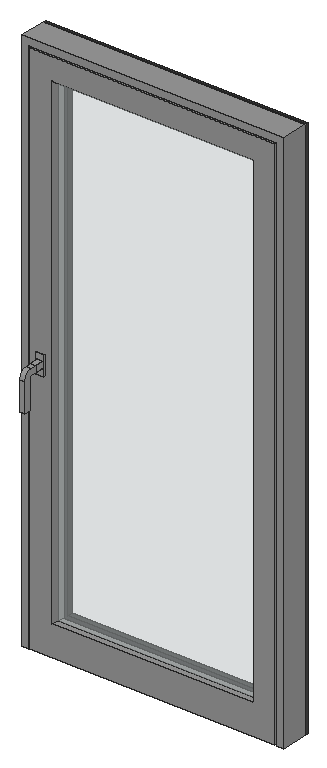
Revit family "Lian - System Door - Inward Opening - Wood-Aluminium", category Doors, host Wall, Revit 2017
Family settings
  Host = Wall
  Always vertical = Yes
  Cut with Voids When Loaded = No
  Shared = No
  Room Calculation Point = No
Parameters
  hosted on bimbear.com® = "www.bimbear.com"
  Width = [02.5 - Door Width]  # 1010 mm
  URL = "http://www.lian.no/"
  Type Comments = "Inward Opening - Wood"
  Rough Width = [02 - Opening Width]  # 1010 mm
  Rough Height = [01 - Opening Height]  # 2110 mm
  Opening Lines = no
  OFS = [07 - Offset] + 1500 mm  # 1500 mm
  NOBB nr = ""
  NOBB URL = ""
  Model = "System Door"
  Manufacturer = "Lian"
  Height = [01.5 - Door Height]  # 2110 mm
  Construction Type = ""
  Assembly Code = ""
  Analytic Construction = "<None>"
  11 - Sound Transmission Class = ""
  10 - Fire Rating = ""
  08 - Sealant Gap = 0 mm
  07 - Offset = 0 mm
  05.5 - Material Glass = Glass
  05.2 - Material Interior Frame = NCS S 0500-N
  05.1 - Material Exterior Frame = RAL 9005
  02.5 - Door Width = [02 - Opening Width] - [08 - Sealant Gap] * 2  # 1010 mm
  02 - Opening Width = 1010 mm
  01.5 - Door Height = [01 - Opening Height] - [08 - Sealant Gap]  # 2110 mm
  01 - Opening Height = 2110 mm
Reference planes
  plane 1 "Wall": y = 0
  plane 2 "Center (Left/Right)": x = 125
  plane 3 "Back": y = 75
  plane 4: x = -380
  plane 5: z = 2110
  plane 6: x = 630
  plane 7: x = -380
  plane 8: z = 0
  plane 9: x = 630
  plane 10: z = 2110
  plane 11 "Vindu": y = 0
  plane 12: y = -1500
  plane 13: z = 900
  plane 14: y = -75
  plane 15: y = -73.225
  plane 16: z = 1055
Forms (mm)
  Sweep 1, solid, material "NCS S 0500-N" <- "05.2 - Material Interior Frame"
    path origin (0, 0, 0) x (0, 0, -1) y (-1, 0, 0)
      loop
        line (0, -630) -> (-2110, -630) -> (-2110, 380) -> (0, 380)
    profile origin (125, 0, 2110) x (0, 0, 1) y (0, 1, 0)
      loop
        line (-55, 15.775) -> (-102.003, 15.775) -> (-102.003, -44) -> (-116, -44) -> (-116, -73.225) -> (-32, -73.225) -> (-32, -56.225) -> (-27, -56.225) -> (-27, -73.225) -> (0, -73.225) -> (0, 31.775) -> (-55, 31.775) -> (-55, 15.775)
  Sweep 2, solid, material "RAL 9005" <- "05.1 - Material Exterior Frame"
    path origin (0, 0, 0) x (0, 0, -1) y (-1, 0, 0)
      loop
        line (0, -630) -> (-2110, -630) -> (-2110, 380) -> (0, 380)
    profile origin (125, 0, 2110) x (0, 0, 1) y (0, 1, 0)
      loop
        line (-55, 15.775) -> (-55, 31.775) -> (0, 31.775) -> (0, 42.275) -> (-58, 42.275) -> (-59.965, 26.275) -> (-114, 26.275) -> (-117.226, 0) -> (-98.003, 0) -> (-98.003, 15.775) -> (-55, 15.775)
  Extrusion 3, solid, material "NCS S 0500-N" <- "05.2 - Material Interior Frame"
    sketch origin (125, 0, 0) x (0, 1, 0) y (0, 0, 1)
      loop
        line (31.775, 29.688) -> (16, 29.688) -> (16, 100) -> (-44, 100) -> (-44, 115) -> (-73.225, 115) -> (-73.225, 0) -> (31.775, 0) -> (31.775, 29.688)
    from -447 to 447
  Extrusion 4, solid, material "RAL 9005" <- "05.1 - Material Exterior Frame"
    sketch origin (125, 0, 0) x (0, 1, 0) y (0, 0, 1)
      loop
        line (0, 100) -> (16, 100) -> (16, 29.688) -> (31.775, 29.688) -> (31.775, 35.238) -> (26.275, 35.238) -> (26.275, 109.028) -> (0, 112.254) -> (0, 100)
    from -445.035 to 445.035
  Extrusion 5, solid, material "Glass" <- "05.5 - Material Glass"
    sketch origin (0, 0, 0) x (1, 0, 0) y (0, 1, 0)
      loop
        line (527.997, 0) -> (-277.997, 0) -> (-277.997, -44) -> (527.997, -44) -> (527.997, 0)
    from 100 to 2007.997
Cuts and joins
  joined: Sweep 1, Extrusion 3
  joined: Sweep 2, Extrusion 4
Lines and regions (mm)
  Opening 1
    outline origin (-5000, -75, 0) x (1, 0, 0) y (0, 0, 1)
      loop
        line (5630, 2110) -> (4620, 2110) -> (4620, 0) -> (5630, 0) -> (5630, 2110)
  symbolic lines, detail levels coarse
    curve 1: line (125, -73.225, 0) -> (125, -73.225, 2110)
    curve 2: line (125, 0, 0) -> (125, 0, 2110)
    curve 3: line (630, -1085, 0) -> (630, -75, 0)
    curve 4: arc (-380, -75, 0) -> (-84.178, -789.178, 0) -> (630, -1085, 0) r 1010
  symbolic lines, detail levels medium+fine
    curve 5: arc (-353, -73.225, 0) -> (-72.994, -749.219, 0) -> (603, -1029.225, 0) r 956
    curve 6: line (603, -1029.225, 0) -> (603, -73.225, 0)
  symbolic lines, style "Opening Lines", visible <- "Opening Lines"
    curve 7: line (-322, 0, 1055) -> (572, 0, 2052)
    curve 8: line (-322, 0, 1055) -> (572, 0, 29.688)
    curve 9: line (125, 0, 2050.035) -> (572, 0, 29.688)
    curve 10: line (-322, 0, 29.688) -> (125, 0, 2050.035)
Text (mm)
  text "Placement Side" at (-1848.837, 1116.779, 0), in view "Ref. Level"
  text "Placement side" at (0, 1409.804, 2854.306), in view "Left"
  text "Placement side" at (0, 499.811, 2980.732), in view "Right"
Dimensions and locks
  locked: plane 3 "Back" to host wall
  equal spacing: plane 6, plane 2 "Center (Left/Right)", plane 4
  "Rough Width": plane 6 to plane 4
  "Rough Height": level to plane 5
  "08 - Sealant Gap": plane 4 to plane 7
  "08 - Sealant Gap": plane 5 to plane 10
  "08 - Sealant Gap": plane 6 to plane 9
  plane 1 "Wall" to plane 12 = 1500 mm
  "OFS": plane 11 "Vindu" to plane 12
  locked: plane 13 to level at 900
  nested 1 to plane 9 = 102.003 mm
  plane 8 to nested 2 = 1000 mm
  plane 9 to nested 2 = 937.5 mm
  locked: nested 2 to plane 8 at 1000
  plane 7 to nested 1 = 102.003 mm
  locked: plane 5 to nested 5 at 102.057
  plane 8 to nested 5 = 99.629 mm
  locked: plane 7 to Extrusion 5 sketch curve at 102.003
  locked: Extrusion 5 sketch curve to plane 9 at 102.003
  locked: plane 11 "Vindu" to Extrusion 5 sketch curve at 44
  locked: plane 7 to nested 2 at 72.5
  Sweep 1 sketch curve to Sweep 1 sketch curve to profile plane = 5 mm locked, 27 mm locked
  locked: plane 15 to plane 11 "Vindu" at 73.225
  locked: curve 6 to plane 9 at 27
  locked: plane 7 to cut or joined group of Sweep 1, Extrusion 3 at 58
  locked: plane 9 to cut or joined group of Sweep 1, Extrusion 3 at 58
  equal spacing: plane 8, plane 16, plane 5
  locked: plane 5 to Extrusion 5 at 102.003
  aligned and locked: plane 1 "Wall" to host wall
  aligned and locked: Opening 1 sketch curve to plane 6
  aligned and locked: level to Opening 1 sketch curve
  aligned and locked: Opening 1 sketch curve to plane 4
  aligned and locked: Opening 1 sketch curve to plane 10
  aligned and locked: nested 1 to plane 11 "Vindu"
  aligned and locked: level to curve 1
  aligned and locked: plane 8 to curve 2
  aligned and locked: plane 10 to curve 1
  aligned and locked: plane 10 to curve 2
  aligned and locked: nested 3 to plane 5
  aligned and locked: nested 3 to plane 11 "Vindu"
  aligned and locked: plane 11 "Vindu" to nested 4
  aligned and locked: nested 5 to plane 11 "Vindu"
  aligned and locked: plane 8 to nested 4
  aligned and locked: plane 11 "Vindu" to nested 6
  aligned and locked: nested 6 to plane 7
  aligned and locked: plane 11 "Vindu" to nested 7
  aligned and locked: plane 11 "Vindu" to nested 1
  aligned and locked: nested 7 to plane 9
  aligned and locked: Sweep 1 sketch curve to plane 5
  aligned and locked: Sweep 1 sketch curve to plane 9
  aligned and locked: Sweep 1 sketch curve to plane 7
  aligned and locked: nested 5 to Sweep 1 sketch curve
  aligned and locked: Sweep 1 sketch curve to nested 3
  aligned and locked: plane 5 to Sweep 1
  aligned and locked: Sweep 2 sketch curve to profile plane
  aligned and locked: Sweep 2 sketch curve to nested 3
  aligned and locked: curve 1 to Sweep 1
  aligned and locked: Extrusion 4 to Sweep 2
  aligned and locked: Sweep 2 to Extrusion 4
  aligned and locked: nested 1 to cut or joined group of Sweep 1, Extrusion 3  (x2)
  aligned and locked: plane 11 "Vindu" to Extrusion 5 sketch curve
  aligned and locked: Extrusion 5 to nested 4
  aligned and locked: plane 14 to host wall
  aligned and locked: plane 14 to curve 3
  aligned and locked: plane 9 to curve 3
  aligned and locked: plane 4 to curve 4
  aligned and locked: curve 5 to nested 6
  aligned and locked: plane 15 to curve 5
  aligned and locked: plane 15 to curve 6
  aligned and locked: cut or joined group of Sweep 2, Extrusion 4 to curve 8
  aligned and locked: cut or joined group of Sweep 2, Extrusion 4 to curve 9
  aligned and locked: curve 9 to cut or joined group of Sweep 2, Extrusion 4
  aligned and locked: curve 10 to cut or joined group of Sweep 1, Extrusion 3
  aligned and locked: plane 2 "Center (Left/Right)" to curve 10
  aligned and locked: cut or joined group of Sweep 1, Extrusion 3 to curve 10
Automatic sketch dimensions
  curve 2 to host wall = 0 mm
  Sweep 2 sketch curve to plane 5 = 0 mm
  plane 11 "Vindu" to Sweep 2 sketch curve = 15.775 mm
  Sweep 2 sketch curve to Sweep 2 sketch curve = 43.003 mm
  Sweep 2 sketch curve to Sweep 2 sketch curve = 16 mm
  plane 11 "Vindu" to Sweep 2 sketch curve = 26.275 mm
  Sweep 2 sketch curve to Sweep 2 sketch curve = 15.997 mm
  Sweep 2 sketch curve to Sweep 2 sketch curve = 19.223 mm
  Sweep 2 sketch curve to Sweep 2 sketch curve = 4.965 mm
  Sweep 2 sketch curve to Sweep 2 sketch curve = 3 mm
  Sweep 2 sketch curve to Sweep 2 sketch curve = 10.5 mm
  profile plane to Sweep 2 sketch curve = 0 mm
  Sweep 2 sketch curve to level = 0 mm  (x2)
  plane 9 to Sweep 2 sketch curve = 0 mm
  plane 7 to Sweep 2 sketch curve = 0 mm
  Sweep 1 sketch curve to level = 0 mm  (x2)
  Extrusion 3 sketch curve to level = 0 mm
  Extrusion 3 sketch curve to plane 11 "Vindu" = 44 mm
  Extrusion 3 sketch curve to Extrusion 3 sketch curve = 29.225 mm
  plane 11 "Vindu" to Extrusion 3 sketch curve = 16 mm
  plane 11 "Vindu" to Extrusion 3 sketch curve = 31.775 mm
  level to Extrusion 3 sketch curve = 29.688 mm
  Extrusion 3 sketch curve to Extrusion 3 sketch curve = 70.312 mm
  Extrusion 3 sketch curve to Extrusion 3 sketch curve = 15 mm
  Extrusion 4 sketch curve to plane 11 "Vindu" = 0 mm
  plane 11 "Vindu" to Extrusion 4 sketch curve = 16 mm
  Extrusion 4 sketch curve to Extrusion 4 sketch curve = 10.275 mm
  Extrusion 4 sketch curve to Extrusion 4 sketch curve = 5.5 mm
  level to Extrusion 4 sketch curve = 29.688 mm
  Extrusion 4 sketch curve to Extrusion 4 sketch curve = 5.55 mm
  Extrusion 4 sketch curve to Extrusion 4 sketch curve = 64.762 mm
  Extrusion 4 sketch curve to Extrusion 4 sketch curve = 9.028 mm
  Extrusion 4 sketch curve to Extrusion 4 sketch curve = 12.254 mm
  profile plane to Sweep 1 sketch curve = 0 mm
  Sweep 1 sketch curve to Sweep 1 sketch curve = 13.997 mm
  plane 11 "Vindu" to Sweep 1 sketch curve = 15.775 mm
  Sweep 1 sketch curve to Sweep 1 sketch curve = 47.003 mm
  Sweep 1 sketch curve to plane 11 "Vindu" = 56.225 mm
  Sweep 1 sketch curve to Sweep 1 sketch curve = 16 mm
  Sweep 1 sketch curve to Sweep 1 sketch curve = 17 mm
  Sweep 1 sketch curve to Sweep 1 sketch curve = 0 mm
  host wall to curve 4 = 0 mm
  curve 8 to plane 16 = 0 mm
  curve 8 to plane 6 = 58 mm
  curve 7 to plane 5 = 58 mm
  curve 7 to plane 6 = 58 mm
Nested families
  nested 1: "3Glass2D" at (-277.997, 0, 0) x (0, -1, 0) z (0, 0, 1), type "3Glass2D"
    with h 805.994 mm
  nested 2: "Håndtak" at (-307.5, -73.225, 1000) x (0, 0, -1) z (0, -1, 0), type "Håndtak"
  nested 3: "SD-A-12" at (96.985, 0, 2110) x (0, 1, 0) z (1, 0, 0), type "SD-A-12"
  nested 4: "SD-A-6" at (96.985, 0, 0) x (0, 1, 0) z (1, 0, 0), type "SD-A-6"
  nested 5: "3Glass2D" at (96.985, 0, 99.629) x (0, -1, 0) z (-1, 0, 0), type "3Glass2D"
    with h 1908.315 mm
  nested 6: "SD-A-12" at (-380, 0, 0) x (0, 1, 0) z (0, 0, 1), type "SD-A-12"
  nested 7: "SD-A-12" at (630, 0, 0) x (0, 1, 0) z (0, 0, -1), type "SD-A-12"
Definition of nested family "Håndtak"
  Parameters (values of type "Håndtak")
    Default Elevation = 1219.2 mm
  Reference planes
    plane 1 "Center (Front/Back)": y = 0
    plane 2: z = 0
    plane 3 "Center (Left/Right)": x = 0
  Forms (mm)
    Extrusion 1, solid
      sketch origin (0, 0, 0) x (1, 0, 0) y (0, 1, 0)
        loop
          line (-1219.2, 1219.2) -> (-1219.2, -1219.2) -> (1219.2, -1219.2) -> (1219.2, 1219.2) -> (-1219.2, 1219.2)
      from 0 to -304.8
    Blend 2, solid
      base sketch origin (0, 0, 0) x (1, 0, 0) y (0, 1, 0)
        loop
          arc (14, 9.662) -> (13.169, 11.669) -> (11.162, 12.5) r 2.838
          line (11.162, 12.5) -> (-11.162, 12.5)
          arc (-11.162, 12.5) -> (-13.169, 11.669) -> (-14, 9.662) r 2.838
          line (-14, 9.662) -> (-14, -9.662)
          arc (-14, -9.662) -> (-13.169, -11.669) -> (-11.162, -12.5) r 2.838
          line (-11.162, -12.5) -> (11.162, -12.5)
          arc (11.162, -12.5) -> (13.169, -11.669) -> (14, -9.662) r 2.838
          line (14, -9.662) -> (14, 9.662)
      top sketch origin (0, 0, 0) x (1, 0, 0) y (0, 1, 0)
        loop
          line (11, 9.5) -> (-11, 9.5) -> (-11, -9.5) -> (11, -9.5) -> (11, 9.5)
      from 0 to 35.908
    Sweep 3, solid
      path origin (0, 0, 0) x (1, 0, 0) y (0, 0, 1)
        loop
          line (0, 35.908) -> (0, 55.908)
          arc (0, 55.908) -> (5.858, 70.05) -> (20, 75.908) r 20
          line (20, 75.908) -> (133, 75.908)
      profile origin (0, 0, 45.908) x (-1, 0, 0) y (0, -1, 0)
        loop
          line (-11, -9.5) -> (11, -9.5) -> (11, 9.5) -> (-11, 9.5) -> (-11, -9.5)
    Extrusion 4, solid
      sketch origin (0, 0, 0) x (1, 0, 0) y (0, 1, 0)
        loop
          line (-36.932, 15.592) -> (-36.932, -15.658) -> (38.068, -15.658) -> (38.068, 15.592) -> (-36.932, 15.592)
      from 0 to 2.754
  Cuts and joins
    joined: Blend 2, Sweep 3, Extrusion 4
  Dimensions and locks
    aligned and locked: plane 2 to Extrusion 1
    aligned and locked: level to Extrusion 1
Definition of nested family "3Glass2D"
  Parameters (values of type "3Glass2D")
    h [instance] = 126.931 mm
  Reference planes
    plane 1 "Center (Front/Back)": y = 0
    plane 2: z = 0
    plane 3 "Center (Left/Right)": x = 0
    plane 4: y = 126.931
    plane 5: y = -41
    plane 6: y = 167.931
    plane 7: y = -4
    plane 8: y = 130.931
  Lines and regions (mm)
    Filled region 1, type "Glass Hatch", in view "Ref. Level", detail levels fine
      outline origin (305.983, -18.8, 0) x (1, 0, 0) y (0, 1, 0)
        loop
          line (-261.983, 18.8) -> (-261.983, 145.731) -> (-265.983, 145.731) -> (-265.983, 18.8) -> (-261.983, 18.8)
        loop
          line (-281.983, 18.8) -> (-281.983, 145.731) -> (-285.983, 145.731) -> (-285.983, 18.8) -> (-281.983, 18.8)
        loop
          line (-301.983, 18.8) -> (-301.983, 145.731) -> (-305.983, 145.731) -> (-305.983, 18.8) -> (-301.983, 18.8)
    Masking region 1, in view "Ref. Level", detail levels medium
      outline origin (0, 0, 0) x (1, 0, 0) y (0, 1, 0)
        loop
          line (44, -4) -> (44, 130.931) -> (0, 130.931) -> (0, -4) -> (44, -4)
    Masking region 2, in view "Ref. Level", detail levels fine
      outline origin (0, 0, 0) x (1, 0, 0) y (0, 1, 0)
        loop
          line (4, 12) -> (4, 0) -> (20, 0) -> (20, 12) -> (4, 12)
        loop
          line (6, 10) -> (6, 2) -> (18, 2) -> (18, 10) -> (6, 10)
        loop
          line (24, 12) -> (24, 0) -> (40, 0) -> (40, 12) -> (24, 12)
        loop
          line (38, 2) -> (38, 10) -> (26, 10) -> (26, 2) -> (38, 2)
    Masking region 3, in view "Ref. Level", detail levels fine
      outline origin (0, 126.931, 0) x (0, -1, 0) y (1, 0, 0)
        loop
          line (12, 4) -> (12, 20) -> (0, 20) -> (0, 4) -> (12, 4)
        loop
          line (10, 6) -> (10, 18) -> (2, 18) -> (2, 6) -> (10, 6)
        loop
          line (12, 24) -> (12, 40) -> (0, 40) -> (0, 24) -> (12, 24)
        loop
          line (2, 38) -> (2, 26) -> (10, 26) -> (10, 38) -> (2, 38)
  Dimensions and locks
    "h": plane 1 "Center (Front/Back)" to plane 4
    locked: plane 6 to plane 4 at 41
    locked: plane 8 to plane 4 at 4
    locked: plane 7 to plane 1 "Center (Front/Back)" at 4
    aligned and locked: plane 4 to Filled region 1  (x3)
    aligned and locked: plane 1 "Center (Front/Back)" to Filled region 1  (x3)
    aligned and locked: Filled region 1 sketch curve to plane 1 "Center (Front/Back)"  (x3)
    aligned and locked: Masking region 1 to plane 8
  Automatic sketch dimensions
    Filled region 1 sketch curve to plane 3 "Center (Left/Right)" = 0 mm
    Filled region 1 sketch curve to plane 4 = 0 mm  (x3)
    plane 3 "Center (Left/Right)" to Filled region 1 sketch curve = 4 mm
    Filled region 1 sketch curve to Filled region 1 sketch curve = 16 mm  (x2)
    Filled region 1 sketch curve to Filled region 1 sketch curve = 4 mm  (x2)
    Masking region 1 sketch curve to plane 3 "Center (Left/Right)" = 0 mm
    plane 3 "Center (Left/Right)" to Masking region 1 sketch curve = 44 mm
    plane 1 "Center (Front/Back)" to Masking region 2 sketch curve = 0 mm  (x2)
    plane 3 "Center (Left/Right)" to Masking region 2 sketch curve = 4 mm
    Masking region 2 sketch curve to Masking region 2 sketch curve = 2 mm  (x6)
    Masking region 2 sketch curve to Masking region 2 sketch curve = 12 mm  (x2)
    Masking region 2 sketch curve to Masking region 2 sketch curve = 4 mm
    Masking region 2 sketch curve to plane 1 "Center (Front/Back)" = 2 mm  (x2)
    Masking region 2 sketch curve to Masking region 2 sketch curve = 8 mm  (x2)
    Masking region 3 sketch curve to plane 4 = 0 mm  (x2)
    Masking region 3 sketch curve to plane 4 = 2 mm  (x2)
    Masking region 3 sketch curve to Masking region 3 sketch curve = 8 mm  (x2)
    Masking region 3 sketch curve to Masking region 3 sketch curve = 2 mm  (x6)
    plane 3 "Center (Left/Right)" to Masking region 3 sketch curve = 4 mm
    Masking region 3 sketch curve to Masking region 3 sketch curve = 12 mm  (x2)
    Masking region 3 sketch curve to Masking region 3 sketch curve = 4 mm
    plane 7 to Masking region 1 sketch curve = 0 mm
    plane 4 to Masking region 1 sketch curve = 4 mm
Definition of nested family "SD-A-12"
  Reference planes
    plane 1 "Center (Front/Back)": y = 0
    plane 2: z = 0
    plane 3 "Center (Left/Right)": x = 0
  Lines and regions (mm)
    Filled region 1, type "LianTre", in view "Ref. Level", detail levels fine
      outline origin (632.502, -211.023, 0) x (0, 1, 0) y (-1, 0, 0)
        loop
          arc (156.023, 602.727) -> (156.609, 601.313) -> (158.023, 600.727) r 2
          line (158.023, 600.727) -> (209.023, 600.727)
          arc (209.023, 600.727) -> (210.437, 601.313) -> (211.023, 602.727) r 2
          line (211.023, 602.727) -> (211.023, 630.727) -> (210.023, 630.727) -> (210.023, 632.727)
          arc (210.023, 632.727) -> (209.144, 634.848) -> (207.023, 635.727) r 3
          line (207.023, 635.727) -> (203.023, 635.727) -> (203.023, 642.727) -> (207.023, 642.727)
          arc (207.023, 642.727) -> (209.144, 643.606) -> (210.023, 645.727) r 3
          line (210.023, 645.727) -> (210.023, 690.727) -> (211.023, 690.727) -> (211.023, 703.727)
          arc (211.023, 703.727) -> (210.437, 705.141) -> (209.023, 705.727) r 2
          line (209.023, 705.727) -> (203.023, 705.727)
          arc (203.023, 705.727) -> (202.316, 705.434) -> (202.023, 704.727) r 1
          line (202.023, 704.727) -> (202.023, 696.727) -> (192.023, 696.727) -> (192.023, 705.727) -> (186.023, 705.727)
          arc (186.023, 705.727) -> (184.609, 705.141) -> (184.023, 703.727) r 2
          line (184.023, 703.727) -> (184.023, 670.727) -> (177.023, 670.727)
          arc (177.023, 670.727) -> (176.316, 670.434) -> (176.023, 669.727) r 1
          line (176.023, 669.727) -> (176.023, 648.727) -> (165.023, 648.727)
          arc (165.023, 648.727) -> (164.316, 648.434) -> (164.023, 647.727) r 1
          line (164.023, 647.727) -> (164.023, 641.727)
          arc (164.023, 641.727) -> (164.316, 641.02) -> (165.023, 640.727) r 1
          line (165.023, 640.727) -> (169.023, 640.727) -> (169.023, 632.727) -> (165.023, 632.727)
          arc (165.023, 632.727) -> (164.316, 632.434) -> (164.023, 631.727) r 1
          line (164.023, 631.727) -> (164.023, 624.727) -> (157.023, 624.727)
          arc (157.023, 624.727) -> (156.316, 624.434) -> (156.023, 623.727) r 1
          line (156.023, 623.727) -> (156.023, 602.727)
    Filled region 2, type "LianTre", in view "Ref. Level", detail levels fine
      outline origin (0, 0, 0) x (1, 0, 0) y (0, 1, 0)
        loop
          arc (-71.225, -32) -> (-72.639, -32.586) -> (-73.225, -34) r 2
          line (-73.225, -34) -> (-73.225, -110.634)
          arc (-73.225, -110.634) -> (-72.932, -111.342) -> (-72.225, -111.634) r 1
          line (-72.225, -111.634) -> (-70.225, -111.634) -> (-70.225, -114)
          arc (-70.225, -114) -> (-69.639, -115.414) -> (-68.225, -116) r 2
          line (-68.225, -116) -> (-48.149, -116)
          arc (-48.149, -116) -> (-47.491, -115.682) -> (-47.225, -115.003) r 1
          line (-47.225, -115.003) -> (-47.225, -110.503) -> (-50.725, -110.503) -> (-50.725, -107.503) -> (-47.225, -107.503) -> (-47.225, -98.003) -> (13.775, -98.003)
          arc (13.775, -98.003) -> (15.189, -97.417) -> (15.775, -96.003) r 2
          line (15.775, -96.003) -> (15.775, -60.938)
          arc (15.775, -60.938) -> (15.258, -59.596) -> (13.974, -58.948) r 2
          line (13.974, -58.948) -> (6.775, -58.229) -> (6.775, -54.151)
          arc (6.775, -54.151) -> (6.516, -53.48) -> (5.874, -53.156) r 1
          line (5.874, -53.156) -> (0.524, -52.622)
          arc (0.524, -52.622) -> (-0.246, -52.876) -> (-0.575, -53.617) r 1
          line (-0.575, -53.617) -> (-0.575, -55.457)
          arc (-0.575, -55.457) -> (-0.868, -56.164) -> (-1.575, -56.457) r 1
          line (-1.575, -56.457) -> (-7.575, -56.457)
          arc (-7.575, -56.457) -> (-8.282, -56.164) -> (-8.575, -55.457) r 1
          line (-8.575, -55.457) -> (-8.575, -52.62)
          arc (-8.575, -52.62) -> (-8.834, -51.949) -> (-9.475, -51.625) r 1
          line (-9.475, -51.625) -> (-16.125, -50.96)
          arc (-16.125, -50.96) -> (-16.896, -51.213) -> (-17.225, -51.955) r 1
          line (-17.225, -51.955) -> (-17.225, -58) -> (-21.225, -58) -> (-21.225, -40)
          arc (-21.225, -40) -> (-21.518, -39.293) -> (-22.225, -39) r 1
          line (-22.225, -39) -> (-32.6, -39) -> (-32.6, -44.321) -> (-36.1, -44.321) -> (-36.1, -39) -> (-56.225, -39) -> (-56.225, -33)
          arc (-56.225, -33) -> (-56.518, -32.293) -> (-57.225, -32) r 1
          line (-57.225, -32) -> (-71.225, -32)
    Masking region 1, in view "Ref. Level", detail levels fine
      outline origin (-97.99, 379.083, 0) x (0, -1, 0) y (1, 0, 0)
        loop
          line (380.074, 140.265) -> (380.074, 138.965) -> (384.09, 138.965) -> (384.09, 136.986) -> (380.074, 136.986) -> (380.074, 135.665) -> (384.09, 135.665) -> (384.09, 131.765) -> (385.39, 131.765) -> (385.39, 138.965) -> (395.696, 138.965) -> (395.696, 131.765) -> (398.146, 131.765) -> (398.146, 133.04) -> (396.996, 133.845) -> (396.996, 136.662) -> (398.191, 136.662) -> (398.191, 137.663) -> (396.996, 137.663) -> (396.996, 138.965) -> (410.784, 138.965) -> (410.784, 137.663) -> (409.59, 137.663) -> (409.59, 136.662) -> (410.784, 136.662) -> (410.784, 133.845) -> (409.634, 133.04) -> (409.634, 131.765) -> (412.084, 131.765) -> (412.084, 138.965) -> (420.684, 138.965) -> (420.684, 131.765) -> (423.134, 131.765) -> (423.134, 133.04) -> (421.984, 133.845) -> (421.984, 136.662) -> (423.179, 136.662) -> (423.179, 137.663) -> (421.984, 137.663) -> (421.984, 138.965) -> (429.833, 138.965) -> (429.833, 136.965) -> (431.133, 136.965) -> (431.133, 138.965) -> (435.933, 138.965) -> (436.154, 137.165) -> (433.666, 137.165) -> (433.666, 135.865) -> (436.314, 135.865) -> (437.677, 124.765) -> (438.987, 124.765) -> (437.083, 140.265) -> (380.074, 140.265)
        loop
          line (441.083, 124.265) -> (441.083, 122.965) -> (445.083, 122.965) -> (445.083, 120.965) -> (441.083, 120.965) -> (441.083, 119.665) -> (445.083, 119.665) -> (445.083, 115.765) -> (446.383, 115.765) -> (446.383, 122.965) -> (452.683, 122.965) -> (452.683, 115.765) -> (455.133, 115.765) -> (455.133, 117.04) -> (453.983, 117.845) -> (453.983, 119.733) -> (455.015, 119.733) -> (455.015, 120.753) -> (453.983, 120.753) -> (453.983, 122.965) -> (467.783, 122.965) -> (467.783, 121.665) -> (466.594, 121.665) -> (466.594, 120.668) -> (467.783, 120.668) -> (467.783, 117.845) -> (466.633, 117.04) -> (466.633, 115.765) -> (469.083, 115.765) -> (469.083, 122.965) -> (491.933, 122.965) -> (494.344, 103.33)
          arc (494.344, 103.33) -> (493.772, 102.58) -> (493.01, 103.136) r 0.674
          arc (493.01, 103.136) -> (489.321, 106.003) -> (486.158, 102.565) r 3.45
          line (486.158, 102.565) -> (486.158, 101.765)
          arc (486.158, 101.765) -> (486.304, 101.412) -> (486.658, 101.265) r 0.5
          line (486.658, 101.265) -> (488.308, 101.265) -> (488.308, 102.57) -> (487.458, 102.57)
          arc (487.458, 102.57) -> (489.605, 104.715) -> (491.758, 102.576) r 2.15
          line (491.758, 102.576) -> (490.908, 102.576) -> (490.908, 101.265) -> (495.076, 101.265)
          arc (495.076, 101.265) -> (495.627, 101.514) -> (495.806, 102.091) r 0.736
          line (495.806, 102.091) -> (493.151, 123.717)
          arc (493.151, 123.717) -> (492.945, 124.108) -> (492.531, 124.265) r 0.624
          line (492.531, 124.265) -> (441.083, 124.265)
    Masking region 2, in view "Ref. Level", detail levels fine
      outline origin (2.783, -4.007, 0) x (1, 0, 0) y (0, 1, 0)
        loop
          line (35.792, -23.7) -> (32.092, -25.9) -> (33.099, -27.337) -> (37.792, -24.55) -> (37.792, -17.05) -> (33.099, -14.263) -> (32.092, -15.7) -> (35.792, -17.9) -> (35.792, -23.7)
    Masking region 3, in view "Ref. Level", detail levels fine
      outline origin (2.783, -45.607, 0) x (0, -1, 0) y (1, 0, 0)
        loop
          line (-18.9, 34.492) -> (-18.9, 28.992) -> (-11.45, 28.992) -> (-11.45, 30.992) -> (-15.107, 30.992) -> (-15.107, 32.432) -> (-15.902, 32.432) -> (-17.127, 34.492) -> (-18.9, 34.492)
    Masking region 4, in view "Ref. Level", detail levels fine
      outline origin (2.783, -4.007, 0) x (1, 0, 0) y (0, 1, 0)
        loop
          line (28.992, -18.92) -> (28.992, -22.7) -> (35.792, -22.7) -> (35.792, -18.92) -> (28.992, -18.92)
    Masking region 5, in view "Ref. Level", detail levels fine
      outline origin (2.783, -4.007, 0) x (1, 0, 0) y (0, 1, 0)
        loop
          line (34.492, -18.92) -> (34.492, -17.127) -> (32.432, -15.902) -> (32.432, -15.093) -> (30.992, -15.093) -> (30.992, -11.443) -> (28.992, -11.443) -> (28.992, -18.92) -> (34.492, -18.92)
    Filled region 3, type "Solid Fill - Black", in view "Ref. Level", detail levels fine
      outline origin (-1.43, -38.627, 0) x (0, 1, 0) y (-1, 0, 0)
        loop
          line (-71.113, -7.237) -> (-71.069, -6.175) -> (-70.717, -4.655) -> (-68.868, -4.605) -> (-67.509, -1.69) -> (-68.966, -2.855) -> (-71.921, -2.841) -> (-73.92, -1.68) -> (-73.689, -2.855) -> (-78.891, -2.832) -> (-80.365, -1.655) -> (-78.839, -4.655) -> (-72.978, -4.737) -> (-72.682, -6.246) -> (-72.682, -7.237) -> (-73.397, -6.903) -> (-72.893, -7.69) -> (-71.897, -8.155) -> (-70.836, -7.66) -> (-70.397, -6.903) -> (-71.113, -7.237)
    Filled region 4, type "Solid Fill - Black", in view "Ref. Level", detail levels fine
      outline origin (-42.31, -37.1, 0) x (1, 0, 0) y (0, 1, 0)
        loop
          line (-7.237, -71.113) -> (-6.903, -70.397) -> (-7.66, -70.836) -> (-8.155, -71.897) -> (-7.69, -72.893) -> (-6.903, -73.397) -> (-7.237, -72.682) -> (-6.246, -72.682) -> (-4.737, -72.978) -> (-4.655, -78.839) -> (-1.655, -80.365) -> (-2.832, -78.891) -> (-2.855, -73.689) -> (-1.68, -73.92) -> (-2.841, -71.921) -> (-2.855, -68.966) -> (-1.69, -67.509) -> (-4.605, -68.868) -> (-4.655, -70.717) -> (-6.175, -71.069) -> (-7.237, -71.113)
    Masking region 6, in view "Ref. Level", detail levels fine
      outline origin (-13.217, -61, 0) x (1, 0, 0) y (0, 1, 0)
        loop
          line (35.792, -23.7) -> (32.092, -25.9) -> (33.099, -27.337) -> (37.792, -24.55) -> (37.792, -17.05) -> (33.099, -14.263) -> (32.092, -15.7) -> (35.792, -17.9) -> (35.792, -23.7)
    Masking region 7, in view "Ref. Level", detail levels fine
      outline origin (-13.217, -102.6, 0) x (0, -1, 0) y (1, 0, 0)
        loop
          line (-18.9, 34.492) -> (-18.9, 28.992) -> (-11.45, 28.992) -> (-11.45, 30.992) -> (-15.107, 30.992) -> (-15.107, 32.432) -> (-15.902, 32.432) -> (-17.127, 34.492) -> (-18.9, 34.492)
    Masking region 8, in view "Ref. Level", detail levels fine
      outline origin (-13.217, -61, 0) x (1, 0, 0) y (0, 1, 0)
        loop
          line (28.992, -18.92) -> (28.992, -22.7) -> (35.792, -22.7) -> (35.792, -18.92) -> (28.992, -18.92)
    Masking region 9, in view "Ref. Level", detail levels fine
      outline origin (-13.217, -61, 0) x (1, 0, 0) y (0, 1, 0)
        loop
          line (34.492, -18.92) -> (34.492, -17.127) -> (32.432, -15.902) -> (32.432, -15.093) -> (30.992, -15.093) -> (30.992, -11.443) -> (28.992, -11.443) -> (28.992, -18.92) -> (34.492, -18.92)
    Filled region 5, type "Solid Fill - Black", in view "Ref. Level", detail levels fine
      outline origin (-33.569, -0.325, 0) x (0, 1, 0) y (-1, 0, 0)
        loop
          line (-55.257, -13.332) -> (-51.675, -13.332)
          arc (-51.675, -13.332) -> (-51.322, -13.479) -> (-51.175, -13.832) r 0.5
          line (-51.175, -13.832) -> (-51.175, -16.344)
          arc (-51.175, -16.344) -> (-50.882, -17.051) -> (-50.175, -17.344) r 1
          arc (-50.175, -17.344) -> (-45.425, -16.939) -> (-40.675, -17.344) r 28.057
          arc (-40.675, -17.344) -> (-39.261, -16.758) -> (-38.675, -15.344) r 2
          line (-38.675, -15.344) -> (-38.675, -12.844)
          arc (-38.675, -12.844) -> (-38.822, -12.491) -> (-39.176, -12.344) r 0.5
          line (-39.176, -12.344) -> (-56.258, -12.356) -> (-57.675, -12.844) -> (-54.476, -16.043) -> (-57.032, -12.844) -> (-55.257, -13.332)
    Masking region 10, in view "Ref. Level", detail levels medium
      outline origin (0, 0, 0) x (1, 0, 0) y (0, 1, 0)
        loop
          line (42.275, 0) -> (-73.225, 0) -> (-73.225, -33.633) -> (-16.225, -33.633) -> (-16.225, -59.962) -> (42.275, -59.962) -> (42.275, 0)
    Masking region 11, in view "Ref. Level", detail levels medium
      outline origin (0, 0, 0) x (1, 0, 0) y (0, 1, 0)
        loop
          line (-73.225, -33.633) -> (-73.225, -116) -> (-44, -116) -> (-44, -98.003) -> (0, -98.003) -> (0, -117.226) -> (26.275, -114) -> (26.275, -59.962) -> (-16.225, -59.962) -> (-16.225, -33.633) -> (-73.225, -33.633)
    detail lines, in view "Ref. Level", detail levels fine
      curve 1: line (-44, -102.003, 0) -> (-44, -98.003, 0)
      curve 2: line (0, -102.003, 0) -> (0, -98.003, 0)
      curve 3: line (0, -102.003, 0) -> (-44, -98.003, 0)
      curve 4: line (-44, -102.003, 0) -> (0, -98.003, 0)
Definition of nested family "SD-A-6"
  Reference planes
    plane 1 "Center (Front/Back)": y = 0
    plane 2: z = 0
    plane 3 "Center (Left/Right)": x = 0
  Lines and regions (mm)
    Filled region 1, type "LianTre", in view "Ref. Level", detail levels fine
      outline origin (632.502, 211.023, 0) x (-1, 0, 0) y (0, -1, 0)
        loop
          arc (621.502, 211.023) -> (620.088, 210.437) -> (619.502, 209.023) r 2
          line (619.502, 209.023) -> (619.502, 197.023) -> (615.502, 197.023) -> (615.502, 204.405) -> (603.02, 207.75)
          arc (603.02, 207.75) -> (601.285, 207.405) -> (600.502, 205.818) r 2
          line (600.502, 205.818) -> (600.502, 187.889)
          arc (600.502, 187.889) -> (600.954, 186.622) -> (602.107, 185.928) r 2
          line (602.107, 185.928) -> (630.502, 180.203) -> (630.502, 173.12)
          arc (630.502, 173.12) -> (630.765, 172.445) -> (631.415, 172.124) r 1
          line (631.415, 172.124) -> (644.002, 171.023) -> (644.002, 166.023) -> (646.502, 166.023)
          arc (646.502, 166.023) -> (647.916, 166.609) -> (648.502, 168.023) r 2
          line (648.502, 168.023) -> (648.502, 178.023) -> (669.502, 178.023)
          arc (669.502, 178.023) -> (670.209, 178.316) -> (670.502, 179.023) r 1
          line (670.502, 179.023) -> (670.502, 186.023) -> (703.727, 186.023)
          arc (703.727, 186.023) -> (705.141, 186.609) -> (705.727, 188.023) r 2
          line (705.727, 188.023) -> (705.727, 192.023) -> (696.727, 192.023) -> (696.727, 202.023) -> (704.727, 202.023)
          arc (704.727, 202.023) -> (705.434, 202.316) -> (705.727, 203.023) r 1
          line (705.727, 203.023) -> (705.727, 209.023)
          arc (705.727, 209.023) -> (705.141, 210.437) -> (703.727, 211.023) r 2
          line (703.727, 211.023) -> (690.727, 211.023) -> (690.727, 210.023) -> (645.727, 210.023)
          arc (645.727, 210.023) -> (643.606, 209.144) -> (642.727, 207.023) r 3
          line (642.727, 207.023) -> (642.727, 203.023) -> (635.727, 203.023) -> (635.727, 207.023)
          arc (635.727, 207.023) -> (634.848, 209.144) -> (632.727, 210.023) r 3
          line (632.727, 210.023) -> (630.727, 210.023) -> (630.727, 211.023) -> (621.502, 211.023)
    Filled region 2, type "LianTre", in view "Ref. Level", detail levels fine
      outline origin (0, -2.003, 0) x (0, -1, 0) y (1, 0, 0)
        loop
          line (-32, -71) -> (-32, -57.225)
          arc (-32, -57.225) -> (-32.293, -56.518) -> (-33, -56.225) r 1
          line (-33, -56.225) -> (-39, -56.225) -> (-39, -35.875) -> (-44.321, -35.875) -> (-44.321, -32.375) -> (-39, -32.375) -> (-39, -22.225)
          arc (-39, -22.225) -> (-39.293, -21.518) -> (-40, -21.225) r 1
          line (-40, -21.225) -> (-58, -21.225) -> (-58, -17.225) -> (-51.955, -17.225)
          arc (-51.955, -17.225) -> (-51.213, -16.896) -> (-50.96, -16.125) r 1
          line (-50.96, -16.125) -> (-51.625, -9.475)
          arc (-51.625, -9.475) -> (-51.949, -8.834) -> (-52.62, -8.575) r 1
          line (-52.62, -8.575) -> (-55.457, -8.575)
          arc (-55.457, -8.575) -> (-56.164, -8.282) -> (-56.457, -7.575) r 1
          line (-56.457, -7.575) -> (-56.457, -1.575)
          arc (-56.457, -1.575) -> (-56.164, -0.868) -> (-55.457, -0.575) r 1
          line (-55.457, -0.575) -> (-53.617, -0.575)
          arc (-53.617, -0.575) -> (-52.876, -0.246) -> (-52.622, 0.524) r 1
          line (-52.622, 0.524) -> (-53.156, 5.874)
          arc (-53.156, 5.874) -> (-53.48, 6.516) -> (-54.151, 6.775) r 1
          line (-54.151, 6.775) -> (-58.229, 6.775) -> (-58.97, 14.199)
          arc (-58.97, 14.199) -> (-59.618, 15.483) -> (-60.96, 16) r 2
          line (-60.96, 16) -> (-88.05, 16)
          arc (-88.05, 16) -> (-89.709, 15.372) -> (-90.534, 13.802) r 2.503
          line (-90.534, 13.802) -> (-98.028, -47.225) -> (-107.503, -47.225) -> (-107.503, -50.5) -> (-110.503, -50.5) -> (-110.503, -47.225) -> (-115.003, -47.225)
          arc (-115.003, -47.225) -> (-115.682, -47.491) -> (-116, -48.149) r 1
          line (-116, -48.149) -> (-116, -68)
          arc (-116, -68) -> (-115.414, -69.414) -> (-114, -70) r 2
          line (-114, -70) -> (-111.634, -70) -> (-111.634, -72)
          arc (-111.634, -72) -> (-111.342, -72.707) -> (-110.634, -73) r 1
          line (-110.634, -73) -> (-34, -73)
          arc (-34, -73) -> (-32.586, -72.414) -> (-32, -71) r 2
    Masking region 1, in view "Ref. Level", detail levels fine
      outline origin (-97.99, -384.056, 0) x (1, 0, 0) y (0, 1, 0)
        loop
          line (124.265, 441.083) -> (124.265, 492.531)
          arc (124.265, 492.531) -> (124.108, 492.945) -> (123.717, 493.151) r 0.624
          line (123.717, 493.151) -> (102.091, 495.806)
          arc (102.091, 495.806) -> (101.514, 495.627) -> (101.265, 495.076) r 0.736
          line (101.265, 495.076) -> (101.265, 490.908) -> (102.576, 490.908) -> (102.576, 491.758)
          arc (102.576, 491.758) -> (104.715, 489.605) -> (102.57, 487.458) r 2.15
          line (102.57, 487.458) -> (102.57, 488.308) -> (101.265, 488.308) -> (101.265, 486.658)
          arc (101.265, 486.658) -> (101.412, 486.304) -> (101.765, 486.158) r 0.5
          line (101.765, 486.158) -> (102.565, 486.158)
          arc (102.565, 486.158) -> (106.003, 489.321) -> (103.136, 493.01) r 3.45
          arc (103.136, 493.01) -> (102.58, 493.772) -> (103.33, 494.344) r 0.674
          line (103.33, 494.344) -> (122.965, 491.933) -> (122.965, 469.083) -> (115.765, 469.083) -> (115.765, 466.633) -> (117.04, 466.633) -> (117.845, 467.783) -> (120.668, 467.783) -> (120.668, 466.594) -> (121.665, 466.594) -> (121.665, 467.783) -> (122.965, 467.783) -> (122.965, 453.983) -> (120.753, 453.983) -> (120.753, 455.015) -> (119.733, 455.015) -> (119.733, 453.983) -> (117.845, 453.983) -> (117.04, 455.133) -> (115.765, 455.133) -> (115.765, 452.683) -> (122.965, 452.683) -> (122.965, 446.383) -> (115.765, 446.383) -> (115.765, 445.083) -> (119.665, 445.083) -> (119.665, 441.083) -> (120.965, 441.083) -> (120.965, 445.083) -> (122.965, 445.083) -> (122.965, 441.083) -> (124.265, 441.083)
        loop
          line (110.99, 417.587) -> (110.99, 423.299) -> (126.99, 416.508) -> (126.99, 413.744) -> (128.49, 413.744) -> (128.49, 417.5) -> (110.99, 424.929) -> (110.99, 431.286) -> (107.99, 435.57) -> (107.99, 437.044) -> (106.49, 437.044) -> (106.49, 435.097) -> (109.49, 430.813) -> (109.49, 423.549) -> (87.99, 425.43) -> (87.99, 429.044) -> (86.49, 429.044) -> (86.49, 424.056) -> (109.49, 422.044) -> (109.49, 417.587) -> (110.99, 417.587)
    Filled region 3, type "Solid Fill - Black", in view "Ref. Level", detail levels fine
      outline origin (-1.43, 33.655, 0) x (-1, 0, 0) y (0, -1, 0)
        loop
          line (-7.237, -71.113) -> (-6.903, -70.397) -> (-7.66, -70.836) -> (-8.155, -71.897) -> (-7.69, -72.893) -> (-6.903, -73.397) -> (-7.237, -72.682) -> (-6.246, -72.682) -> (-4.737, -72.978) -> (-4.655, -78.839) -> (-1.655, -80.365) -> (-2.832, -78.891) -> (-2.855, -73.689) -> (-1.68, -73.92) -> (-2.841, -71.921) -> (-2.855, -68.966) -> (-1.69, -67.509) -> (-4.605, -68.868) -> (-4.655, -70.717) -> (-6.175, -71.069) -> (-7.237, -71.113)
    Filled region 4, type "Solid Fill - Black", in view "Ref. Level", detail levels fine
      outline origin (-42.345, 35.103, 0) x (0, -1, 0) y (1, 0, 0)
        loop
          line (-71.113, -7.237) -> (-71.069, -6.175) -> (-70.717, -4.655) -> (-68.868, -4.605) -> (-67.509, -1.69) -> (-68.966, -2.855) -> (-71.921, -2.841) -> (-73.92, -1.68) -> (-73.689, -2.855) -> (-78.891, -2.832) -> (-80.365, -1.655) -> (-78.839, -4.655) -> (-72.978, -4.737) -> (-72.682, -6.246) -> (-72.682, -7.237) -> (-73.397, -6.903) -> (-72.893, -7.69) -> (-71.897, -8.155) -> (-70.836, -7.66) -> (-70.397, -6.903) -> (-71.113, -7.237)
    Masking region 2, in view "Ref. Level", detail levels fine
      outline origin (-12.992, 56, 0) x (0, -1, 0) y (1, 0, 0)
        loop
          line (-23.7, 35.792) -> (-17.9, 35.792) -> (-15.7, 32.092) -> (-14.263, 33.099) -> (-17.05, 37.792) -> (-24.55, 37.792) -> (-27.337, 33.099) -> (-25.9, 32.092) -> (-23.7, 35.792)
    Masking region 3, in view "Ref. Level", detail levels fine
      outline origin (-12.992, 97.6, 0) x (1, 0, 0) y (0, 1, 0)
        loop
          line (34.492, -18.9) -> (34.492, -17.127) -> (32.432, -15.902) -> (32.432, -15.107) -> (30.992, -15.107) -> (30.992, -11.45) -> (28.992, -11.45) -> (28.992, -18.9) -> (34.492, -18.9)
    Masking region 4, in view "Ref. Level", detail levels fine
      outline origin (-12.992, 56, 0) x (0, -1, 0) y (1, 0, 0)
        loop
          line (-18.92, 28.992) -> (-18.92, 35.792) -> (-22.7, 35.792) -> (-22.7, 28.992) -> (-18.92, 28.992)
    Masking region 5, in view "Ref. Level", detail levels fine
      outline origin (-12.992, 56, 0) x (0, -1, 0) y (1, 0, 0)
        loop
          line (-18.92, 34.492) -> (-18.92, 28.992) -> (-11.443, 28.992) -> (-11.443, 30.992) -> (-15.093, 30.992) -> (-15.093, 32.432) -> (-15.902, 32.432) -> (-17.127, 34.492) -> (-18.92, 34.492)
    Filled region 5, type "Solid Fill - Black", in view "Ref. Level", detail levels fine
      outline origin (-33.569, -1.55, 0) x (-1, 0, 0) y (0, -1, 0)
        loop
          line (-13.332, -55.257) -> (-12.844, -57.032) -> (-16.043, -54.476) -> (-12.844, -57.675) -> (-12.356, -56.258) -> (-12.344, -39.176)
          arc (-12.344, -39.176) -> (-12.491, -38.822) -> (-12.844, -38.675) r 0.5
          line (-12.844, -38.675) -> (-15.344, -38.675)
          arc (-15.344, -38.675) -> (-16.758, -39.261) -> (-17.344, -40.675) r 2
          arc (-17.344, -40.675) -> (-16.939, -45.425) -> (-17.344, -50.175) r 28.057
          arc (-17.344, -50.175) -> (-17.051, -50.882) -> (-16.344, -51.175) r 1
          line (-16.344, -51.175) -> (-13.832, -51.175)
          arc (-13.832, -51.175) -> (-13.479, -51.322) -> (-13.332, -51.675) r 0.5
          line (-13.332, -51.675) -> (-13.332, -55.257)
    Masking region 6, in view "Ref. Level", detail levels medium
      outline origin (0, 0, 0) x (0, -1, 0) y (1, 0, 0)
        loop
          line (0, 32) -> (-50.514, 32) -> (-50.514, -16.225) -> (-32.997, -16.225) -> (-32.997, -73.225) -> (0, -73.225) -> (0, 32)
    Masking region 7, in view "Ref. Level", detail levels medium
      outline origin (0, -2.374, 0) x (0, -1, 0) y (1, 0, 0)
        loop
          line (-35.374, -73) -> (-35.374, -16.225) -> (-52.888, -16.225) -> (-52.888, 26.275) -> (-111.402, 26.275) -> (-114.628, 0) -> (-98.003, 0) -> (-98.003, -44) -> (-116.371, -44) -> (-116.371, -73) -> (-35.374, -73)
    detail lines, in view "Ref. Level", detail levels fine
      curve 1: line (-44, 100, 0) -> (-44, 95.629, 0)
      curve 2: line (0, 100, 0) -> (0, 90.226, 0)
      curve 3: line (0, 100, 0) -> (-44, 95.629, 0)
      curve 4: line (-44, 100, 0) -> (0, 90.226, 0)
